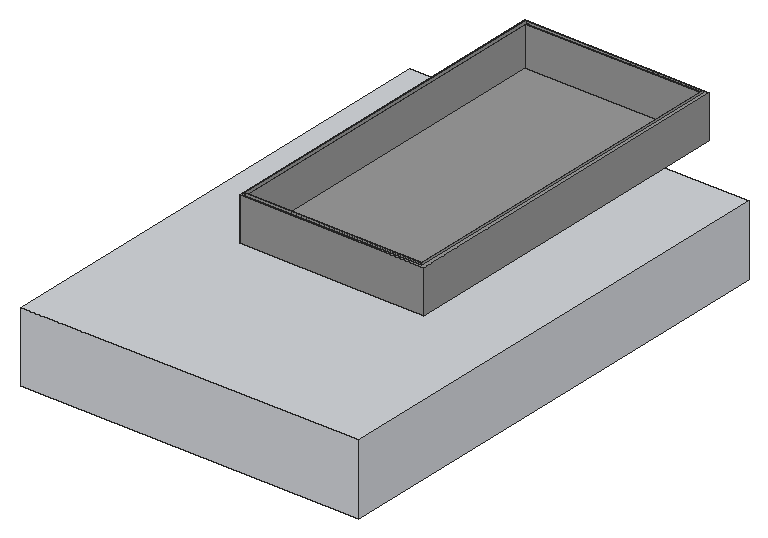
Revit family "Hager-Univers-IP30-D205-H1550-Cl.II-Encl-CH-fr", category Equipement électrique, Revit 2020
Family settings
  Hôte = Face
  Configuration du panneau = Deux colonnes, circuits au sein
  Cote de connecteur circulaire = Utiliser le diamètre
  Type d'élément = Tableau de raccordement
  Couper avec des vides une fois chargée = Non
  Partagée = Non
  Point de calcul de pièce = Non
Parameters (values of type "saillie IP30 L800 H1550 P205  - FP03S1N")
  Width Control [instance] = if([EF000008 - largeur] > Min Width, [EF000008 - largeur], Min Width)  # 800 mm
  Commentaires du type = [HG000003 - Gamme]  # "Univers"
  Thickness Door [instance] = if([EF009171 - épaisseur de matériau de la porte/du couvercle] > 3 mm, 3 mm, [EF009171 - épaisseur de matériau de la porte/du couvercle])  # 1 mm
  Seal Frame Offset [instance] = 17 mm  # constant formula
  Plinth Visibility [instance] = [HG000027 - Hauteur du socle] > 0 mm  # no
  Model = ""
  Min Width [instance] = 100 mm  # constant formula
  Min Height [instance] = 100 mm  # constant formula
  Min Depth [instance] = (2 * [EF009170 - épaisseur de matériau du boîtier]) + 1 mm  # 3 mm
  Internal Frame Depth [instance] = (Door System Depth * 0.5)  # 9 mm
  Height Control [instance] = if([EF000040 - hauteur] > Min Height, [EF000040 - hauteur], Min Height)  # 1550 mm
  HG000027 - Hauteur du socle = 0 mm
  HG000026 - Installation au sol = no
  HG000024 - Hauteur de la section basse = 800 mm
  HG000023 - Armoire double section = no
  HG000016 - Visibilité de la porte 3D [instance] = yes
  HG000015 - Visibilité de l'emprise de la porte [instance] = no
  HG000014 - Porte à droite [instance] = yes
  HG000013 - Porte à gauche [instance] = not([HG000014 - Porte à droite])  # no
  HG000012 - Angle de pivotement de la porte [instance] = 30.00°
  HG000010 - Portes asymétriques = no
  HG000009 - Porte à double battant = no
  HG000006 - Encastré = no
  HG000004 - Référence fabricant = "FP03S1N"
  HG000003 - Gamme = "Univers"
  HG000002 - avec porte = no
  Frame Offset Bottom [instance] = 10 mm  # constant formula
  Frame Offset [instance] = 15 mm  # constant formula
  EF015940 - couvercle avec décharge de pression = no
  EF011959 - degré de protection (NEMA) = ""
  EF009554 - nombre d'ouvertures pour plaques à bride = 6
  Fabricant = "Hager"  # constant formula
  EF009212 - finition du couvercle = "EV009916 - avec échancrure"
  EF009171 - épaisseur de matériau de la porte/du couvercle = 1 mm
  EF009170 - épaisseur de matériau du boîtier = 1 mm
  EF008873 - courant nominal (In) = 250 A
  EF007800 - adapté à un parafoudre = no
  EF006306 - avec serrure = no
  EF006244 - couvercle/porte transparent(e) = no
  EF005474 - indice de protection (IP) = "EV006410 - IP30"
  EF004464 - type de porte = "EV000494 - sans"
  EF004427 - nombre de modules = 360
  EF004293 - indice de protection contre les chocs (IK) = "EV006813 - IK07"
  EF003532 - convient pour utilisation à l’extérieur = no
  EF002950 - largeur en nombre de modules = 36
  EF001613 - maintien de fonction = "EV000494 - sans"
  EF001596 - matériau du boîtier/corps = "EV000179 - acier"
  EF001131 - profondeur intérieure = 130 mm
  EF001088 - possibilité de montage en saillie = yes
  EF000437 - nombre d'entrées de conduit = 6
  EF000339 - type de capot = "EV000494 - sans"
  EF000266 - nombre de rangées = 10
  EF000218 - profondeur d'encastrement = 205 mm
  EF000118 - avec cadre/support de montage = no
  EF000116 - numéro RAL = "9010"
  EF000049 - profondeur = 205 mm
  EF000040 - hauteur = 1550 mm
  EF000008 - largeur = 800 mm
  EF000007 - couleur = "EV000202 - blanc"
  EF000003 - mode de pose = "EV000384 - saillie"
  Door System Leaf Tolerance [instance] = 1.5 mm  # constant formula
  Door System Depth [instance] = 18 mm  # constant formula
  Door Height [instance] = Height Control - [HG000027 - Hauteur du socle]  # 1550 mm
  Depth Control [instance] = if([EF000049 - profondeur] > Min Depth, [EF000049 - profondeur], Min Depth)  # 205 mm
  Default Elevation = 0 mm
  Connector Offset [instance] = Height Control / 2  # 775 mm
  Bottom Top Plate Trim [instance] = 1.5 mm  # constant formula
  Plinth height Ctrl [instance] = if([HG000027 - Hauteur du socle] > 0 mm, [HG000027 - Hauteur du socle], 12 mm)  # 12 mm
Types (4, lengths in mm): name | Width Control | HG000004 - Référence fabricant | EF009554 - nombre d'ouvertures pour plaques à bride | EF008873 - courant nominal (In) | EF004427 - nombre de modules | EF002950 - largeur en nombre de modules | EF000437 - nombre d'entrées de conduit | EF000008 - largeur
  saillie IP30 L1300 H1550 P205  - FP05S1N | 1300 | "FP05S1N" | 10 | 400 A | 600 | 60 | 10 | 1300
  saillie IP30 L300 H1550 P205  - FP01S1N | 300 | "FP01S1N" | 2 | 250 A | 120 | 12 | 2 | 300
  saillie IP30 L550 H1550 P205  - FP02S1N | 550 | "FP02S1N" | 4 | 250 A | 240 | 24 | 4 | 550
  saillie IP30 L800 H1550 P205  - FP03S1N | 800 | "FP03S1N" | 6 | 250 A | 360 | 36 | 6 | 800
Reference planes
  plane 1 "Center (Front/Back)": y = 0
  plane 2: z = 0
  plane 3 "Center (Left/Right)": x = 0
  plane 4: z = 205
  plane 5: y = 1
  plane 6: y = 775
  plane 7: y = 0
  plane 8: y = 1550
  plane 9: z = 0
  plane 10: x = -385
  plane 11: x = 385
  plane 12: x = 384
  plane 13: x = -384
  plane 14: y = 1549
  plane 15: x = -383
  plane 16: x = -400
  plane 17: x = 383
  plane 18: x = 400
  plane 19: x = 399
  plane 20: x = -399
  plane 21: y = 11
  plane 22: y = 1550
  plane 23: y = 1534
  plane 24: z = 187
  plane 25: z = 1
  plane 26: z = 186
  plane 27: z = 204
Forms (mm)
  Extrusion 1, solid
    sketch origin (0, 0, 0) x (1, 0, 0) y (0, 1, 0)
      loop
        line (-702.964, 1305) -> (-702.964, -811.445) -> (766.763, -811.445) -> (766.763, 1305) -> (-702.964, 1305)
    from 0 to -304.8
  Extrusion 2, solid, material "Hager_Steel_RAL7035_Light_Grey", visible <- "Plinth Visibility", detail levels medium+fine
    sketch origin (0, 0, 0) x (1, 0, 0) y (0, 1, 0)
      loop
        line (-400, 0) -> (400, 0) -> (400, 12) -> (-400, 12) -> (-400, 0)
    from 0 to 187
  Extrusion 3, solid, material "Hager_Steel_RAL7035_Light_Grey", detail levels medium+fine
    sketch origin (0, 0, 0) x (1, 0, 0) y (0, 1, 0)
      loop
        line (-400, 0) -> (400, 0) -> (400, 1550) -> (-400, 1550) -> (-400, 0)
    from 0 to 187
  Extrusion 4, void
    sketch origin (0, 0, 0) x (1, 0, 0) y (0, 1, 0)
      loop
        line (-399, 1) -> (399, 1) -> (399, 1549) -> (-399, 1549) -> (-399, 1)
    from 1 to 186
  Extrusion 5, void
    sketch origin (-381.607, -4572, 187) x (0, -1, 0) y (-1, 0, 0)
      loop
        line (-4583, 2.393) -> (-6106, 2.393) -> (-6106, -765.607) -> (-4583, -765.607) -> (-4583, 2.393)
    from 0 to 1 <- "EF009170 - épaisseur de matériau du boîtier"
  Extrusion 6, solid, material "Hager_Steel_RAL7035_Light_Grey", detail levels fine
    sketch origin (0, 0, 187) x (1, 0, 0) y (0, 1, 0)
      loop
        line (-384, 1534) -> (-384, 11) -> (384, 11) -> (384, 1534) -> (-384, 1534)
      loop
        line (-385, 10) -> (385, 10) -> (385, 1535) -> (-385, 1535) -> (-385, 10)
    from 0 to 9 <- "Internal Frame Depth"
  Extrusion 7, solid, material "Hager_Steel_RAL7035_Light_Grey", detail levels coarse
    sketch origin (0, 0, 0) x (1, 0, 0) y (0, 1, 0)
      loop
        line (-400, 0) -> (400, 0) -> (400, 1550) -> (-400, 1550) -> (-400, 0)
    from 0 to 205
  Sweep 8, void
    path in 3D
      loop
        line (-400, 12, 0) -> (400, 12, 0) -> (400, 12, 187) -> (-400, 12, 187) -> (-400, 12, 0)
    profile origin (-400, 12, 93.5) x (-1, 0, 0) y (0, -1, 0)
      loop
        line (0, 0) -> (0, 1.5) -> (-1.5, 1.5)
        arc (-1.5, 1.5) -> (-1.061, 0.439) -> (0, 0) r 1.5
Cuts and joins
  Extrusion 4, Extrusion 5 cuts Extrusion 3
  Sweep 8 cuts Extrusion 2
Lines and regions (mm)
  Masking region 1
    outline origin (0, 0, 0) x (1, 0, 0) y (0, 0, 1)
      loop
        line (-400, 205) -> (-400, 0) -> (400, 0) -> (400, 205) -> (-400, 205)
  Masking region 2, detail levels medium+fine
    outline origin (0, 140, 0) x (0, 1, 0) y (0, 0, 1)
      loop
        line (-140, 0) -> (1410, 0) -> (1410, 187) -> (-140, 187) -> (-140, 0)
  Masking region 3, not visible, detail levels medium+fine
    outline origin (0, 297.922, 0) x (0, 1, 0) y (0, 0, 1)
      loop
        line (488.578, 0) -> (528.578, 0) -> (528.578, 194)
        arc (528.578, 194) -> (525.649, 201.071) -> (518.578, 204) r 10
        line (518.578, 204) -> (488.578, 204) -> (488.578, 0)
  Masking region 4, detail levels coarse
    outline origin (0, 0, 180) x (0, 1, 0) y (0, 0, 1)
      loop
        line (0, -180) -> (1550, -180) -> (1550, 25) -> (0, 25) -> (0, -180)
  Masking region 5, visible <- "Plinth Visibility", detail levels medium+fine
    outline origin (0, 52.24, 12.345) x (0, 0, -1) y (0, 1, 0)
      loop
        line (10.845, -40.24) -> (-173.155, -40.24)
        arc (-173.155, -40.24) -> (-173.594, -41.301) -> (-174.655, -41.74) r 1.5
        line (-174.655, -41.74) -> (-174.655, -52.24) -> (12.345, -52.24) -> (12.345, -41.74)
        arc (12.345, -41.74) -> (11.285, -41.301) -> (10.845, -40.24) r 1.5
  Masking region 6, detail levels medium+fine
    outline origin (-381.607, -4572, 187) x (-1, 0, 0) y (0, -1, 0)
      loop
        line (18.393, -6122) -> (18.393, -4572) -> (-781.607, -4572) -> (-781.607, -6122) -> (18.393, -6122)
  Masking region 7, visible <- "Plinth Visibility", detail levels medium+fine
    outline origin (-381.607, -4727, 187) x (-1, 0, 0) y (0, -1, 0)
      loop
        arc (16.893, -4739) -> (17.332, -4737.939) -> (18.393, -4737.5) r 1.5
        line (18.393, -4737.5) -> (18.393, -4727) -> (-781.607, -4727) -> (-781.607, -4737.5)
        arc (-781.607, -4737.5) -> (-780.546, -4737.939) -> (-780.107, -4739) r 1.5
        line (-780.107, -4739) -> (16.893, -4739)
  Masking region 8, detail levels coarse
    outline origin (-442.548, -4669.526, 187) x (-1, 0, 0) y (0, -1, 0)
      loop
        line (-42.548, -6219.526) -> (-42.548, -4669.526) -> (-842.548, -4669.526) -> (-842.548, -6219.526) -> (-42.548, -6219.526)
  sketch lines
    curve 1: line (-400, 12, 187) -> (-400, 12, 0)
    curve 2: line (400, 12, 187) -> (-400, 12, 187)
    curve 3: line (400, 12, 187) -> (400, 12, 0)
    curve 4: line (-400, 12, 0) -> (400, 12, 0)
Dimensions and locks
  "Depth Control": plane 4 to Extrusion 1
  "HG000027 - Hauteur du socle": plane 1 "Center (Front/Back)" to plane 7
  "EF009170 - épaisseur de matériau du boîtier": plane 5 to plane 7
  locked: connector elem to plane 3 "Center (Left/Right)"
  equal spacing: plane 8, plane 6, plane 7
  locked: connector elem to plane 6
  "EF009170 - épaisseur de matériau du boîtier": plane 8 to plane 14
  "EF009170 - épaisseur de matériau du boîtier": plane 10 to plane 13
  "EF009170 - épaisseur de matériau du boîtier": plane 12 to plane 11
  "Frame Offset": plane 20 to plane 13
  "Frame Offset": plane 12 to plane 19
  "EF009170 - épaisseur de matériau du boîtier": plane 16 to plane 20
  "EF009170 - épaisseur de matériau du boîtier": plane 19 to plane 18
  "Seal Frame Offset": plane 16 to plane 15
  "Seal Frame Offset": plane 17 to plane 18
  "Frame Offset Bottom": plane 21 to plane 5
  "Frame Offset": plane 14 to plane 23
  equal spacing: plane 16, plane 3 "Center (Left/Right)", plane 18
  "Width Control": plane 16 to plane 18
  "EF009170 - épaisseur de matériau du boîtier": plane 4 to plane 27
  "EF009170 - épaisseur de matériau du boîtier": plane 24 to plane 26
  "EF009170 - épaisseur de matériau du boîtier": plane 25 to level
  "Door System Depth": plane 4 to plane 24
  "Height Control": plane 1 "Center (Front/Back)" to Extrusion 7 sketch curve
  "Height Control": Masking region 4 sketch curve to plane 1 "Center (Front/Back)"
  "Height Control": plane 1 "Center (Front/Back)" to plane 22
  "Bottom Top Plate Trim": profile plane to Sweep 8 sketch curve
  "Bottom Top Plate Trim": Sweep 8 sketch curve to profile plane
  "Plinth height Ctrl": plane 1 "Center (Front/Back)" to Extrusion 2 sketch curve
  "Plinth height Ctrl": Masking region 5 sketch curve to plane 1 "Center (Front/Back)"
  "Plinth height Ctrl": plane 1 "Center (Front/Back)" to Masking region 7 sketch curve
  "Thickness Door": Extrusion 6 sketch curve to Extrusion 6 sketch curve  (x3)
  "Thickness Door": cut or joined group of Extrusion 3, Extrusion 4, Extrusion 5 to Extrusion 6 sketch curve
  radius of Masking region 3 sketch curve = 10 mm
  "Bottom Top Plate Trim": radius of Masking region 5 sketch curve  (x2)
  "Bottom Top Plate Trim": radius of Sweep 8 sketch curve
  "Bottom Top Plate Trim": radius of Masking region 7 sketch curve  (x2)
  aligned and locked: plane 2 to Extrusion 1
  aligned and locked: level to Extrusion 1
  aligned and locked: level to Masking region 1 sketch curve
  aligned and locked: Masking region 1 sketch curve to plane 18
  aligned and locked: Masking region 1 sketch curve to plane 16
  aligned and locked: plane 7 to Masking region 2 sketch curve
  aligned and locked: level to Masking region 3 sketch curve
  aligned and locked: Masking region 3 sketch curve to plane 27
  aligned and locked: level to Masking region 2 sketch curve
  aligned and locked: plane 1 "Center (Front/Back)" to Extrusion 2 sketch curve
  aligned and locked: Extrusion 3 sketch curve to plane 7
  aligned and locked: plane 16 to Extrusion 3 sketch curve
  aligned and locked: plane 18 to Extrusion 3 sketch curve
  aligned and locked: plane 20 to Extrusion 4 sketch curve
  aligned and locked: plane 19 to Extrusion 4 sketch curve
  aligned and locked: Extrusion 4 sketch curve to plane 5
  aligned and locked: Extrusion 4 to plane 25
  aligned and locked: plane 26 to Extrusion 4
  aligned and locked: plane 24 to Extrusion 3
  aligned and locked: Extrusion 5 sketch curve to plane 21
  aligned and locked: Extrusion 5 sketch curve to plane 13
  aligned and locked: Extrusion 5 sketch curve to plane 12
  aligned and locked: plane 18 to Extrusion 7 sketch curve
  aligned and locked: plane 1 "Center (Front/Back)" to Extrusion 7 sketch curve
  aligned and locked: plane 16 to Extrusion 7 sketch curve
  aligned and locked: plane 4 to Extrusion 7
  aligned and locked: Extrusion 7 to level
  aligned and locked: level to Masking region 4 sketch curve
  aligned and locked: Masking region 4 sketch curve to plane 1 "Center (Front/Back)"
  aligned and locked: Masking region 4 sketch curve to plane 4
  aligned and locked: nested 1 to level
  aligned and locked: nested 1 to plane 16
  aligned and locked: plane 8 to Extrusion 3 sketch curve
  aligned and locked: plane 23 to Extrusion 5 sketch curve
  aligned and locked: plane 14 to Extrusion 4 sketch curve
  aligned and locked: Masking region 2 sketch curve to plane 8
  aligned and locked: level to Masking region 5 sketch curve
  aligned and locked: plane 16 to Extrusion 2 sketch curve
  aligned and locked: plane 18 to Extrusion 2 sketch curve
  aligned and locked: Masking region 5 sketch curve to plane 24
  aligned and locked: Masking region 2 sketch curve to plane 24
  aligned and locked: plane 24 to Extrusion 2
  aligned and locked: profile plane to Sweep 8 sketch curve  (x2)
  aligned and locked: Masking region 6 sketch curve to plane 18
  aligned and locked: Masking region 6 sketch curve to plane 22
  aligned and locked: Masking region 6 sketch curve to plane 16
  aligned and locked: plane 8 to plane 22
  aligned and locked: Masking region 6 sketch curve to plane 7
  aligned and locked: Masking region 7 sketch curve to plane 16
  aligned and locked: Masking region 7 sketch curve to plane 1 "Center (Front/Back)"
  aligned and locked: Masking region 7 sketch curve to plane 18
  aligned and locked: Masking region 8 sketch curve to plane 1 "Center (Front/Back)"
  aligned and locked: Masking region 8 sketch curve to plane 18
  aligned and locked: Masking region 8 sketch curve to plane 22
  aligned and locked: Masking region 8 sketch curve to plane 16
  aligned and locked: nested 2 to plane 7
  aligned and locked: plane 3 "Center (Left/Right)" to nested 2
  aligned and locked: nested 2 to plane 24
  aligned and locked: Extrusion 6 sketch curve to cut or joined group of Extrusion 3, Extrusion 4, Extrusion 5  (x4)
Automatic sketch dimensions
  Extrusion 1 sketch curve to Extrusion 1 sketch curve = 1469.727 mm
  Extrusion 1 sketch curve to Extrusion 1 sketch curve = 2116.445 mm
  Masking region 1 sketch curve to plane 4 = 0 mm
  plane 6 to Masking region 3 sketch curve = 11.5 mm
  Masking region 3 sketch curve to Masking region 3 sketch curve = 30 mm
  Masking region 5 sketch curve to plane 1 "Center (Front/Back)" = 0 mm
Nested families
  nested 1: "Hager_Enclosure_Symbol" at (-400, 0, 0) x (1, 0, 0) z (0, -1, 0), Height <- "Depth Control", Width <- "Width Control", type "Hager_Enclosure_Symbol"
    with Width_Ctrl 800 mm, Width 800 mm, Height_Ctrl 205 mm, Height 205 mm, A_Width_Int 13.453 mm, A_Width 161.438 mm, A_Height_Ctrl 179.375 mm, A_Height 179.375 mm
  nested 2: "EC000058_Univers_Door" at (0, 0, 187) x (1, 0, 0) z (0, 1, 0), Leaf_Tolerance <- "Door System Leaf Tolerance", Angle <- "HG000012 - Angle de pivotement de la porte", Door_Depth <- "Door System Depth", Door_Left <- "HG000013 - Porte à gauche", Transparent <- "EF006244 - couvercle/porte transparent(e)", Assymetrical <- "HG000010 - Portes asymétriques", Width <- "Width Control", Clearance <- "HG000015 - Visibilité de l'emprise de la porte", Double <- "HG000009 - Porte à double battant", 3d_Door <- "HG000016 - Visibilité de la porte 3D", Lock_Visibility <- "EF006306 - avec serrure", Width_Ctrl <- "Width Control", Door_Right <- "HG000014 - Porte à droite", Door <- "HG000002 - avec porte", Height <- "Door Height", Thickness <- "Thickness Door", type "EC000058_Univers_Door", detail levels medium+fine
    with min_wh 3 mm, Width_Ctrl 800 mm, Width 800 mm, Transparent no, Thickness 1 mm, Seal_Material Hager_Rubber, Lock_Visibility no, Lock_Material Hager_Plastic_RAL9005_Jet_Black, Leaf_Width 800 mm, Leaf_Tolerance_External_Sides 0 mm, Leaf_Tolerance 1.5 mm, Leaf_Offset 0 mm, Leaf_Height 1547 mm, Leaf_2_Width 800 mm, Leaf_2_Offset 400 mm, Leaf_1_Width 800 mm, Leaf_1_Offset 400 mm, Height_Ctrl 1550 mm, Height 1550 mm, Glass_Material Hager_Glass, Double_Clearance_Ctrl no, Double no, Door_Right_Ctrl no, Door_Right yes, Door_Material Hager_Steel_RAL7035_Light_Grey, Door_Left_Ctrl no, Door_Left no, Door_Depth 18 mm, Door no, Clearance_Material Hager_Clearance, Clearance_Depth 800 mm, Clearance_Ctrl no, Clearance no, Assymetrical no, Angle 30.00°, 3d_Door yes
Connectors
  electrical at (0, 775, 0)
    settings: on plane 9, index 1, voltage 0 V, apparent load 0 VA, apparent load phase1 0 VA, apparent load phase2 0 VA, apparent load phase3 0 VA, power factor 1, load classification "Other", number of poles 1, system type 30, power factor state 1, is connector primary yes, connector utility no, sub classification motor no, connector description ""
Definition of nested family "Hager_Enclosure_Symbol"
  Parameters (values of type "Hager_Enclosure_Symbol")
    Width_Ctrl [instance] = if(Width > 1 mm, Width, 1 mm)  # 102.27 mm
    Width [instance] = 102.27 mm
    Height_Ctrl [instance] = if(Height > 1 mm, Height, 1 mm)  # 66.5 mm
    A_Width_Int [instance] = if(A_Width / 12 > 2 mm, A_Width / 12, 2 mm)  # 4.364 mm
    A_Width [instance] = if(A_Height_Ctrl * 0.9 > 2 mm, A_Height_Ctrl * 0.9, 2 mm)  # 52.369 mm
    A_Height_Ctrl [instance] = if(A_Height > 2 mm, A_Height, 2 mm)  # 58.188 mm
    Height [instance] = 66.5 mm
    A_Height [instance] = Height - (Height / 8)  # 58.188 mm
  Reference planes
    plane 1 "Centre (avant/arrière)": y = 0
    plane 2: z = 0
    plane 3 "Centre (gauche/droite)": x = 0
    plane 4: x = 52.369
    plane 5: y = 33.042
    plane 6: y = 41.77
    plane 7: y = 66.5
    plane 8: x = 26.184
    plane 9: y = 37.406
    plane 10: x = 102.27
    plane 11: y = 66.5
    plane 12: y = 8.313
  Lines and regions (mm)
    Filled region 1, type "Solid_Black", in view "Niveau de réf."
      outline origin (0, 0, 0) x (1, 0, 0) y (0, 1, 0)
        loop
          line (52.369, 66.5) -> (33.188, 54.536) -> (45.365, 45.006) -> (52.369, 66.5)
    Filled region 2, type "Solid_Black", in view "Niveau de réf."
      outline origin (0, 0, 0) x (1, 0, 0) y (0, 1, 0)
        loop
          line (0, 0) -> (102.27, 0) -> (102.27, 66.5) -> (0, 0)
    detail lines, in view "Niveau de réf."
      curve 1: line (0, 8.313, 0) -> (26.184, 41.77, 0)
      curve 2: line (26.184, 41.77, 0) -> (26.184, 33.042, 0)
      curve 3: line (26.184, 33.042, 0) -> (52.369, 66.5, 0)
  Dimensions and locks
    "A_Width": plane 3 "Centre (gauche/droite)" to plane 4
    equal spacing: plane 3 "Centre (gauche/droite)", plane 8, plane 4
    equal spacing: plane 6, plane 9, plane 5
    equal spacing: curve 3, Filled region 1 sketch curve, Filled region 1 sketch curve
    "Height_Ctrl": plane 1 "Centre (avant/arrière)" to plane 11
    "A_Height_Ctrl": plane 11 to plane 12
    equal spacing: plane 11, plane 9, plane 12
    "A_Width_Int": plane 6 to plane 9
    "Width_Ctrl": plane 3 "Centre (gauche/droite)" to plane 10
    angle Filled region 1 sketch curve to curve 3 = 20.00°
    angle curve 3 to Filled region 1 sketch curve = 20.00°
    locked: curve 3 to Filled region 1 sketch curve (angle 90.00°)
    aligned and locked: plane 10 to Filled region 2
    aligned and locked: plane 11 to Filled region 2 sketch curve
    aligned and locked: plane 10 to Filled region 2 sketch curve
    aligned and locked: plane 3 "Centre (gauche/droite)" to curve 1
    aligned and locked: plane 12 to curve 1
    aligned and locked: plane 7 to plane 11
  Automatic sketch dimensions
    Filled region 1 sketch curve to plane 4 = 0 mm
    Filled region 1 sketch curve to plane 7 = 0 mm
    plane 1 "Centre (avant/arrière)" to Filled region 2 sketch curve = 0 mm
    Filled region 2 sketch curve to plane 3 "Centre (gauche/droite)" = 0 mm
    curve 2 to plane 6 = 0 mm
    curve 2 to plane 8 = 0 mm
    curve 3 to plane 4 = 0 mm
    curve 2 to plane 5 = 0 mm
    curve 3 to plane 7 = 0 mm
Definition of nested family "EC000058_Univers_Door"
  Parameters (values of type "EC000058_Univers_Door")
    min_wh [instance] = (2 * Thickness) + 1 mm  # 11 mm
    Width_Ctrl [instance] = 400 mm
    Width [instance] = 500 mm
    Transparent [instance] = yes
    Thickness [instance] = 5 mm
    Seal_Material [instance] = none
    Lock_Visibility [instance] = yes
    Lock_Material [instance] = none
    Leaf_Width [instance] = if((Width_Ctrl - 2 * Leaf_Tolerance_External_Sides) > 0 mm, (Width_Ctrl - 2 * Leaf_Tolerance_External_Sides), min_wh)  # 400 mm
    Leaf_Tolerance_External_Sides [instance] = 0 mm  # constant formula
    Leaf_Tolerance [instance] = 1.5 mm
    Leaf_Offset [instance] = 0 mm  # constant formula
    Leaf_Height [instance] = if((Height_Ctrl - 2 * Leaf_Tolerance) > 0 mm, (Height_Ctrl - 2 * Leaf_Tolerance), min_wh)  # 497 mm
    Leaf_2_Width [instance] = if(and(and(Double, Assymetrical), Door_Left), (Leaf_Width / 3) - (Leaf_Tolerance / 2), if(and(and(Double, Assymetrical), Door_Right), (Leaf_Width / 3) * 2 - (Leaf_Tolerance / 2), if(and(Double, not(Assymetrical)), (Leaf_Width / 2) - Leaf_Tolerance, Leaf_Width)))  # 400 mm
    Leaf_2_Offset [instance] = if(and(Double, Assymetrical), Leaf_2_Width / 2, if(and(Double, not(Assymetrical)), Leaf_Width / 4, Leaf_Width / 2))  # 200 mm
    Leaf_1_Width [instance] = if(and(and(Double, Assymetrical), Door_Right), (Leaf_Width / 3) - (Leaf_Tolerance / 2), if(and(and(Double, Assymetrical), Door_Left), (Width / 3) * 2 - (Leaf_Tolerance / 2), if(and(Double, not(Assymetrical)), (Leaf_Width / 2) - Leaf_Tolerance, Leaf_Width)))  # 400 mm
    Leaf_1_Offset [instance] = if(and(Double, Assymetrical), Leaf_1_Width / 2, if(and(Double, not(Assymetrical)), Leaf_Width / 4, Leaf_Width / 2))  # 200 mm
    Height_Ctrl [instance] = if(Height > min_wh, Height, min_wh)  # 500 mm
    Height [instance] = 500 mm
    Glass_Material [instance] = none
    Double_Clearance_Ctrl [instance] = and(Double, Clearance)  # no
    Double [instance] = no
    Door_Right_Ctrl [instance] = and(or(Door_Right, Double), Door)  # yes
    Door_Right [instance] = yes
    Door_Material [instance] = none
    Door_Left_Ctrl [instance] = and(or(Door_Left, Double), Door)  # no
    Door_Left [instance] = no
    Door_Depth [instance] = 30 mm
    Door [instance] = yes
    Default Elevation = 1219.2 mm
    Clearance_Material [instance] = none
    Clearance_Depth [instance] = if(Leaf_1_Width > Leaf_2_Width, Leaf_1_Width, Leaf_2_Width)  # 400 mm
    Clearance_Ctrl [instance] = and(not(Double), Clearance)  # yes
    Clearance [instance] = yes
    Assymetrical [instance] = yes
    Angle [instance] = 30.00°
    3d_Door [instance] = yes
  Reference planes
    plane 1 "Center (Front/Back)": y = 0
    plane 2 "Bottom": z = 0
    plane 3 "Center (Left/Right)": x = 0
    plane 4: z = 500
    plane 5: x = -200
    plane 6: x = 200
    plane 7: z = 500
    plane 8: x = -200
    plane 9: z = 0
    plane 10: x = 200
    plane 11: y = 0
    plane 12: z = 1.5
    plane 13: x = -600
    plane 14: y = -400
    plane 15: x = 600
    plane 16: x = 0
    plane 17: x = 0
    plane 18: x = -200
    plane 19: x = 200
    plane 20: z = 498.5
  Forms (mm)
    Extrusion 1, solid, material <- "Clearance_Material", visible <- "Double_Clearance_Ctrl"
      sketch origin (1200, 0, 0) x (1, 0, 0) y (0, 0, -1)
        loop
          line (-1800, -498.5) -> (-600, -498.5) -> (-600, 0) -> (-1800, 0) -> (-1800, -498.5)
      from 0 to -400
  Dimensions and locks
    equal spacing: plane 5, plane 3 "Center (Left/Right)", plane 6
    "Width_Ctrl": plane 5 to plane 6
    "Leaf_Offset": plane 5 to plane 8
    "Leaf_Offset": plane 6 to plane 10
    "Leaf_Offset": plane 9 to level
    "Leaf_Offset": plane 4 to plane 7
    "Height_Ctrl": plane 4 to level
    "Leaf_Tolerance": plane 12 to plane 9
    locked: plane 11 to plane 1 "Center (Front/Back)"
    "Leaf_1_Offset": plane 18 to plane 16
    "Leaf_2_Offset": plane 17 to plane 19
    "Leaf_1_Width": plane 13 to plane 8
    "Leaf_2_Width": plane 10 to plane 15
    "Clearance_Depth": plane 14 to plane 1 "Center (Front/Back)"
    "Leaf_Tolerance_External_Sides": plane 8 to plane 18
    "Leaf_Tolerance_External_Sides": plane 19 to plane 10
    "Leaf_Tolerance": plane 7 to plane 20
    aligned and locked: level to plane 2 "Bottom"
    aligned and locked: nested 1 to plane 16
    aligned and locked: nested 2 to plane 17
    aligned and locked: Extrusion 1 to plane 13
    aligned and locked: plane 15 to Extrusion 1
    aligned and locked: Extrusion 1 to plane 14
    aligned and locked: plane 12 to nested 1
    aligned and locked: nested 2 to plane 12
    aligned and locked: Extrusion 1 to plane 11
    aligned and locked: plane 20 to Extrusion 1
    aligned and locked: nested 2 to plane 11
    aligned and locked: nested 1 to plane 11
  Automatic sketch dimensions
    Extrusion 1 sketch curve to level = 0 mm
    plane 5 to Extrusion 1 sketch curve = 400 mm
    plane 6 to Extrusion 1 sketch curve = 400 mm
    Extrusion 1 sketch curve to plane 4 = 1.5 mm
  Nested families
    nested 1: "EC000058_Univers_Door_Leaf" at (0, 0, 1.5), Width <- "Leaf_1_Width", visible <- "Door_Left_Ctrl", Leaf_Height <- "Leaf_Height", Angle <- "Angle", 3d_Door <- "3d_Door", Transparent <- "Transparent", Clearance Material <- "Clearance_Material", Clearance <- "Clearance_Ctrl", Door_Material <- "Door_Material", Glass_Material <- "Glass_Material", Door_Depth <- "Door_Depth", Lock_Material <- "Lock_Material", Seal_Material <- "Seal_Material", Lock_Visibility <- "Lock_Visibility", Thickness <- "Thickness", type "EC000058_Univers_Door_Leaf"
      with Width 400 mm, Transparent_Glass_Offset 30 mm, Transparent_Ctrl yes, Transparent yes, Thickness 5 mm, Standard no, Seal_Material none, Seal_D2 8 mm, Seal_D1 1 mm, Offset_Internal_Frame 10 mm, Lock_Width 20 mm, Lock_Visibility_3d yes, Lock_Visibility yes, Lock_Thickness_3 3 mm, Lock_Thickness_2 1 mm, Lock_Thickness_1 3 mm, Lock_Radius_Offset_2 16 mm, Lock_Radius_Offset_1 15 mm, Lock_Radius_2 5 mm, Lock_Radius 6 mm, Lock_Offset 5 mm, Lock_Material none, Lock_Height 80 mm, Lock_Cover_Top_Offset_2d 17 mm, Lock_Cover_Height -65 mm, Leaf_Height 497 mm, Internal_Seal_Thickness 8 mm, Internal_Seal_Depth_2 4.5 mm, Internal_Frame_Depth 25 mm, Glass_Thickness -1 mm, Glass_Offset -2 mm, Glass_Material none, Door_Material none, Door_Depth 30 mm, Clearance Material none, Clearance yes, Angle_Ctrl 30.00°, Angle 30.00°, 3d_Door yes
    nested 2: "EC000058_Univers_Door_Leaf" at (0, 0, 1.5) x (-1, 0, 0) z (0, 0, 1), Width <- "Leaf_2_Width", visible <- "Door_Right_Ctrl", Leaf_Height <- "Leaf_Height", Angle <- "Angle", 3d_Door <- "3d_Door", Transparent <- "Transparent", Clearance Material <- "Clearance_Material", Clearance <- "Clearance_Ctrl", Door_Material <- "Door_Material", Glass_Material <- "Glass_Material", Door_Depth <- "Door_Depth", Lock_Material <- "Lock_Material", Seal_Material <- "Seal_Material", Lock_Visibility <- "Lock_Visibility", Thickness <- "Thickness", type "EC000058_Univers_Door_Leaf"
      with Width 400 mm, Transparent_Glass_Offset 30 mm, Transparent_Ctrl yes, Transparent yes, Thickness 5 mm, Standard no, Seal_Material none, Seal_D2 8 mm, Seal_D1 1 mm, Offset_Internal_Frame 10 mm, Lock_Width 20 mm, Lock_Visibility_3d yes, Lock_Visibility yes, Lock_Thickness_3 3 mm, Lock_Thickness_2 1 mm, Lock_Thickness_1 3 mm, Lock_Radius_Offset_2 16 mm, Lock_Radius_Offset_1 15 mm, Lock_Radius_2 5 mm, Lock_Radius 6 mm, Lock_Offset 5 mm, Lock_Material none, Lock_Height 80 mm, Lock_Cover_Top_Offset_2d 17 mm, Lock_Cover_Height -65 mm, Leaf_Height 497 mm, Internal_Seal_Thickness 8 mm, Internal_Seal_Depth_2 4.5 mm, Internal_Frame_Depth 25 mm, Glass_Thickness -1 mm, Glass_Offset -2 mm, Glass_Material none, Door_Material none, Door_Depth 30 mm, Clearance Material none, Clearance yes, Angle_Ctrl 30.00°, Angle 30.00°, 3d_Door yes
  Definition of nested family "EC000058_Univers_Door_Leaf"
    Parameters (values of type "EC000058_Univers_Door_Leaf")
      Width [instance] = 2000 mm
      Transparent_Glass_Offset [instance] = 30 mm
      Transparent_Ctrl [instance] = and(Transparent, [3d_Door])  # yes
      Transparent [instance] = yes
      Thickness [instance] = 5 mm
      Standard [instance] = and(not(Transparent), [3d_Door])  # no
      Seal_Material [instance] = none
      Seal_D2 [instance] = 8 mm  # constant formula
      Seal_D1 [instance] = 1 mm  # constant formula
      Offset_Internal_Frame [instance] = 10 mm  # constant formula
      Lock_Width [instance] = 20 mm  # constant formula
      Lock_Visibility_3d [instance] = and(Lock_Visibility, [3d_Door])  # yes
      Lock_Visibility [instance] = yes
      Lock_Thickness_3 [instance] = 3 mm  # constant formula
      Lock_Thickness_2 [instance] = 1 mm  # constant formula
      Lock_Thickness_1 [instance] = 3 mm  # constant formula
      Lock_Radius_Offset_2 [instance] = Lock_Radius_Offset_1 + 1 mm  # 16 mm
      Lock_Radius_Offset_1 [instance] = 15 mm  # constant formula
      Lock_Radius_2 [instance] = Lock_Radius - 1 mm  # 5 mm
      Lock_Radius [instance] = 6 mm  # constant formula
      Lock_Offset [instance] = 5 mm  # constant formula
      Lock_Material [instance] = none
      Lock_Height [instance] = 80 mm  # constant formula
      Lock_Cover_Top_Offset_2d [instance] = Lock_Radius_Offset_2 + 1 mm  # 17 mm
      Lock_Cover_Height [instance] = -(Lock_Height - Lock_Radius_Offset_1)  # -65 mm
      Leaf_Height [instance] = 2720.336 mm
      Internal_Seal_Thickness [instance] = 8 mm  # constant formula
      Internal_Seal_Depth_2 [instance] = 4.5 mm  # constant formula
      Internal_Frame_Depth [instance] = if(Door_Depth - Thickness > 5 mm, Door_Depth - Thickness, 5 mm)  # 25 mm
      Glass_Thickness [instance] = if(Thickness > 15 mm, Glass_Offset + 10 mm, -1 mm)  # -1 mm
      Glass_Offset [instance] = if(Thickness > 15 mm, -(Thickness + 10 mm) / 2, -2 mm)  # -2 mm
      Glass_Material [instance] = none
      Door_Material [instance] = none
      Door_Depth [instance] = 30 mm
      Default Elevation = 0 mm
      Clearance Material [instance] = none
      Clearance [instance] = yes
      Angle_Ctrl [instance] = if(Angle > 180.00°, 180.00°, Angle)  # 90.00°
      Angle [instance] = 90.00°
      3d_Door [instance] = yes
    Reference planes
      plane 1 "Center (Front/Back)": y = 0
      plane 2: z = 0
      plane 3 "Center (Left/Right)": x = 0
      plane 4: y = 2000
      plane 5: x = -1000
      plane 6: x = 1000
      plane 7: x = -3000
      plane 8: z = 2720.336
      plane 9: z = 30
      plane 10: z = 2690.336
      plane 11: x = 970
      plane 12: x = -970
      plane 13: y = -3
      plane 14: z = 107.833
      plane 15: y = -5
      plane 16: y = -223.314
      plane 17: x = -1000
      plane 18: z = 1360.168
      plane 19: y = 30
    Forms (mm)
      Extrusion 1, solid, material <- "Clearance Material", visible <- "Clearance"
        sketch origin (0, 0, 0) x (1, 0, 0) y (0, 0, 1)
          loop
            line (-3000, 2720.336) -> (-3000, 0) -> (1000, 0) -> (1000, 2720.336) -> (-3000, 2720.336)
        from 0 to -2000
      Extrusion 2, solid, material <- "Door_Material", visible <- "Standard", detail levels medium+fine
        sketch origin (-1000, 0, 0) x (0, 1, 0) y (-1, 0, 0)
          loop
            line (0, 30) -> (0, 25) -> (2000, 25) -> (2000, 30) -> (0, 30)
        from 0 to 2720.336 <- "Leaf_Height"
      Extrusion 3, solid, material <- "Door_Material", visible <- "Transparent_Ctrl", detail levels medium+fine
        sketch origin (-1000, 0, 0) x (0, 1, 0) y (-1, 0, 0)
          loop
            line (0, 25) -> (2000, 25) -> (2000, 30) -> (0, 30) -> (0, 25)
        from 0 to 2720.336 <- "Leaf_Height"
      Extrusion 4, void
        sketch origin (-1025, 2000, 0) x (0, 1, 0) y (0, 0, -1)
          loop
            line (-30, -2690.336) -> (-30, -30) -> (-1970, -30) -> (-1970, -2690.336) -> (-30, -2690.336)
        from 0 to 5 <- "Thickness"
      Sweep 5, solid, material <- "Seal_Material", visible <- "Transparent_Ctrl", detail levels fine
        path in 3D
          loop
            line (-1025, 30, 30) -> (-1025, 30, 2690.336) -> (-1025, 1970, 2690.336) -> (-1025, 1970, 30) -> (-1025, 30, 30)
        profile origin (-1025, 1000, 30) x (1, 0, 0) y (0, 0, 1)
          loop
            line (0, 0) -> (0, -8) -> (1, -8) -> (1, 0) -> (0, 0)
      Extrusion 6, solid, material <- "Glass_Material", visible <- "Transparent_Ctrl", detail levels medium+fine
        sketch origin (-1030, 0, 0) x (0, 1, 0) y (0, 0, -1)
          loop
            line (1970, -2690.336) -> (1970, -30) -> (30, -30) -> (30, -2690.336) -> (1970, -2690.336)
        from -2 <- "Glass_Offset" to -1 <- "Glass_Thickness"
      Extrusion 7, solid, material <- "Door_Material", visible <- "3d_Door", detail levels medium+fine
        sketch origin (-1025, 2000, 0) x (0, -1, 0) y (0, 0, -1)
          loop
            line (0, -2720.336) -> (2000, -2720.336) -> (2000, 0) -> (0, 0) -> (0, -2720.336)
          loop
            line (1995, -5) -> (5, -5) -> (5, -2715.336) -> (1995, -2715.336) -> (1995, -5)
        from 0 to 25 <- "Internal_Frame_Depth"
      Sweep 8, solid, material <- "Seal_Material", visible <- "Transparent_Ctrl", detail levels fine
        path in 3D
          loop
            line (-1025, 0, 0) -> (-1025, 2000, 0) -> (-1025, 2000, 2720.336) -> (-1025, 0, 2720.336) -> (-1025, 0, 0)
        profile origin (-1025, 0, 1360.168) x (1, 0, 0) y (0, 1, 0)
          loop
            line (0, 10) -> (2.975, 10)
            arc (2.975, 10) -> (4.053, 10.447) -> (4.5, 11.525) r 1.525
            line (4.5, 11.525) -> (4.5, 16.527)
            arc (4.5, 16.527) -> (4.069, 17.569) -> (3.027, 18) r 1.473
            line (3.027, 18) -> (0, 18) -> (0, 10)
      Extrusion 9, solid, material <- "Lock_Material", visible <- "Lock_Visibility_3d", detail levels fine
        sketch origin (-1030, 0, 0) x (0, 1, 0) y (0, 0, -1)
          loop
            arc (1993.5, -1400.168) -> (1994.561, -1399.729) -> (1995, -1398.668) r 1.5
            line (1995, -1398.668) -> (1995, -1320.168) -> (1975, -1320.168) -> (1975, -1398.668)
            arc (1975, -1398.668) -> (1975.439, -1399.729) -> (1976.5, -1400.168) r 1.5
            line (1976.5, -1400.168) -> (1993.5, -1400.168)
        from 3 <- "Lock_Thickness_1" to 0
      Blend 10, solid, material <- "Lock_Material", visible <- "Lock_Visibility_3d", detail levels fine
        base sketch origin (-1033, 0, 0) x (0, 1, 0) y (0, 0, -1)
          loop
            line (1975, -1320.168) -> (1975, -1398.668)
            arc (1975, -1398.668) -> (1975.439, -1399.729) -> (1976.5, -1400.168) r 1.5
            line (1976.5, -1400.168) -> (1993.5, -1400.168)
            arc (1993.5, -1400.168) -> (1994.561, -1399.729) -> (1995, -1398.668) r 1.5
            line (1995, -1398.668) -> (1995, -1320.168) -> (1975, -1320.168)
        top sketch origin (-1033, 0, 0) x (0, 1, 0) y (0, 0, -1)
          loop
            line (1976, -1320.168) -> (1976, -1398.668)
            arc (1976, -1398.668) -> (1976.146, -1399.022) -> (1976.5, -1399.168) r 0.5
            line (1976.5, -1399.168) -> (1993.5, -1399.168)
            arc (1993.5, -1399.168) -> (1993.854, -1399.022) -> (1994, -1398.668) r 0.5
            line (1994, -1398.668) -> (1994, -1320.168) -> (1976, -1320.168)
        from 0 to 1 <- "Lock_Thickness_2"
      Blend 11, solid, material <- "Lock_Material", visible <- "Lock_Visibility_3d", detail levels fine
        base sketch origin (-1034, 0, 0) x (0, 1, 0) y (0, 0, -1)
          loop
            line (1978, -1320.168) -> (1978, -1384.168)
            arc (1978, -1384.168) -> (1985, -1391.168) -> (1992, -1384.168) r 7
            line (1992, -1384.168) -> (1992, -1320.168) -> (1978, -1320.168)
        top sketch origin (-1034, 0, 0) x (0, 1, 0) y (0, 0, -1)
          loop
            line (1991, -1320.168) -> (1979, -1320.168) -> (1979, -1383.168)
            arc (1979, -1383.168) -> (1985, -1389.168) -> (1991, -1383.168) r 6
            line (1991, -1383.168) -> (1991, -1320.168)
        from 0 to 3 <- "Lock_Thickness_3"
      Extrusion 12, solid, material <- "Lock_Material", visible <- "Lock_Visibility_3d", detail levels fine
        sketch origin (-1030, 1975, 1320.168) x (1, 0, 0) y (0, -1, 0)
          loop
            line (-7, -19) -> (-7, -1) -> (0, -1) -> (0, 0) -> (-8, 0) -> (-8, -20) -> (0, -20) -> (0, -19) -> (-7, -19)
        from 0 to -65 <- "Lock_Cover_Height"
      Extrusion 13, void
        sketch origin (-1038, 1995, 1320.168) x (-1, 0, 0) y (0, 0, -1)
          loop
            line (-5, -65) -> (0, -65) -> (-5, -60) -> (-5, -65)
        from 0 to 20 <- "Lock_Width"
      Extrusion 14, void
        sketch origin (-1038, 1975, 1320.168) x (0, -1, 0) y (0, 0, -1)
          loop
            circle (-10, -15.995) r 6
          loop
            circle (-10, -15.995) r 5
        from 0 to 2
      Extrusion 15, solid, material <- "Lock_Material", visible <- "Lock_Visibility_3d", detail levels medium
        sketch origin (-1030, 0, 0) x (0, 1, 0) y (0, 0, -1)
          loop
            arc (1993.5, -1400.168) -> (1994.561, -1399.729) -> (1995, -1398.668) r 1.5
            line (1995, -1398.668) -> (1995, -1320.168) -> (1975, -1320.168) -> (1975, -1398.668)
            arc (1975, -1398.668) -> (1975.439, -1399.729) -> (1976.5, -1400.168) r 1.5
            line (1976.5, -1400.168) -> (1993.5, -1400.168)
        from 8 to 0
    Cuts and joins
      Extrusion 4 cuts Extrusion 3
      Extrusion 13, Extrusion 14 cuts Extrusion 9
      Extrusion 14 cuts Blend 11
      Extrusion 13, Extrusion 14 cuts Extrusion 12
      joined: Extrusion 9, Blend 10, Blend 11, Extrusion 12
      Extrusion 14 cuts Extrusion 15
    Lines and regions (mm)
      Masking region 1, visible <- "Lock_Visibility", detail levels fine
        outline origin (0, 0, 0) x (0, 1, 0) y (0, 0, 1)
          loop
            line (30, 1320.168) -> (33, 1320.168) -> (33, 1400.168) -> (30, 1400.168) -> (30, 1320.168)
      Masking region 2, visible <- "Lock_Visibility", detail levels fine
        outline origin (0, 3.143, 0) x (0, 1, 0) y (0, 0, 1)
          loop
            line (29.857, 1354.168) -> (30.857, 1354.168) -> (30.857, 1366.168) -> (29.857, 1366.168) -> (29.857, 1354.168)
      Masking region 3, detail levels medium+fine
        outline origin (0, 0, 0) x (0, 1, 0) y (0, 0, 1)
          loop
            line (0, 0) -> (30, 0) -> (30, 2720.336) -> (0, 2720.336) -> (0, 0)
      Masking region 4, detail levels medium+fine
        outline origin (0, 0, 0) x (1, 0, 0) y (0, 0, 1)
          loop
            line (-1000, 2720.336) -> (-1000, 0) -> (1000, 0) -> (1000, 2720.336) -> (-1000, 2720.336)
      Masking region 5, visible <- "Lock_Visibility", detail levels fine
        outline origin (-47.116, 0, 0) x (1, 0, 0) y (0, 0, 1)
          loop
            arc (1024.616, 1399.168) -> (1023.556, 1398.729) -> (1023.116, 1397.668) r 1.5
            line (1023.116, 1397.668) -> (1023.116, 1320.168) -> (1041.116, 1320.168) -> (1041.116, 1397.668)
            arc (1041.116, 1397.668) -> (1040.677, 1398.729) -> (1039.616, 1399.168) r 1.5
            line (1039.616, 1399.168) -> (1024.616, 1399.168)
      Masking region 6, visible <- "Lock_Visibility", detail levels medium+fine
        outline origin (-25, 0, 0) x (1, 0, 0) y (0, 0, 1)
          loop
            arc (1001.5, 1400.168) -> (1000.439, 1399.729) -> (1000, 1398.668) r 1.5
            line (1000, 1398.668) -> (1000, 1320.168) -> (1020, 1320.168) -> (1020, 1398.668)
            arc (1020, 1398.668) -> (1019.561, 1399.729) -> (1018.5, 1400.168) r 1.5
            line (1018.5, 1400.168) -> (1001.5, 1400.168)
      Masking region 7, visible <- "Lock_Visibility", detail levels fine
        outline origin (-73.735, 0, 0) x (1, 0, 0) y (0, 0, 1)
          loop
            line (1051.735, 1382.168) -> (1065.735, 1382.168) -> (1065.735, 1384.168)
            arc (1065.735, 1384.168) -> (1058.735, 1391.168) -> (1051.735, 1384.168) r 7
            line (1051.735, 1384.168) -> (1051.735, 1382.168)
      Masking region 8, visible <- "Lock_Visibility", detail levels fine
        outline origin (-73.735, 0, 0) x (1, 0, 0) y (0, 0, 1)
          loop
            line (1052.735, 1382.168) -> (1064.735, 1382.168) -> (1064.735, 1383.168)
            arc (1064.735, 1383.168) -> (1058.735, 1389.168) -> (1052.735, 1383.168) r 6
            line (1052.735, 1383.168) -> (1052.735, 1382.168)
      Masking region 9, visible <- "Lock_Visibility", detail levels fine
        outline origin (-25, 0, 0) x (1, 0, 0) y (0, 0, 1)
          loop
            line (1020, 1320.168) -> (1020, 1382.168) -> (1000, 1382.168) -> (1000, 1320.168) -> (1020, 1320.168)
      Masking region 10, detail levels medium+fine
        outline origin (0, 0, 0) x (1, 0, 0) y (0, 0, 1)
          loop
            circle (985, 1335.144) r 6
      Masking region 11, detail levels fine
        outline origin (0, 0, 0) x (1, 0, 0) y (0, 0, 1)
          loop
            circle (985, 1335.144) r 5
      Masking region 12, visible <- "Lock_Visibility", detail levels fine
        outline origin (0, 12.767, 0) x (0, 1, 0) y (0, 0, 1)
          loop
            line (20.233, 1320.168) -> (21.233, 1320.168) -> (21.233, 1399.168) -> (20.233, 1400.168) -> (20.233, 1320.168)
      Masking region 13, visible <- "Lock_Visibility", detail levels fine
        outline origin (0, 13.767, -10) x (0, 1, 0) y (0, 0, 1)
          loop
            line (20.233, 1330.168) -> (23.233, 1330.168) -> (23.233, 1399.168) -> (20.233, 1402.168) -> (20.233, 1330.168)
      Masking region 14, visible <- "Lock_Visibility", detail levels fine
        outline origin (0, 12.767, -10) x (0, 1, 0) y (0, 0, 1)
          loop
            line (20.233, 1330.168) -> (25.233, 1330.168) -> (25.233, 1399.305) -> (20.233, 1394.305) -> (20.233, 1330.168)
      Masking region 15, visible <- "Lock_Visibility", detail levels medium
        outline origin (0, 0, 0) x (0, 1, 0) y (0, 0, 1)
          loop
            line (30, 1320.168) -> (38, 1320.168) -> (38, 1400.168) -> (30, 1400.168) -> (30, 1320.168)
      Masking region 16, visible <- "Lock_Visibility", detail levels fine
        outline origin (-1000, 0, 0) x (0, 1, 0) y (-1, 0, 0)
          loop
            line (1975, 30) -> (1995, 30) -> (1995, 38) -> (1975, 38) -> (1975, 30)
          loop
            line (1979, 37) -> (1976, 37) -> (1976, 34) -> (1978, 34) -> (1979, 37)
          loop
            line (1994, 37) -> (1991, 37) -> (1992, 34) -> (1994, 34) -> (1994, 37)
      Masking region 17, visible <- "Lock_Visibility", detail levels medium
        outline origin (-1000, 0, 0) x (0, 1, 0) y (-1, 0, 0)
          loop
            line (1975, 30) -> (1995, 30) -> (1995, 38) -> (1975, 38) -> (1975, 30)
      symbolic lines
        curve 1: line (1000, 0, 0) -> (-3000, 0, 0)
        curve 2: arc (1000, 0, 0) -> (-1000, 2000, 0) -> (-3000, 0, 0) r 2000
        curve 4: line (-1030, 0, 0) -> (-1030, 2000, 0)
      reference lines
        curve 3: line (-1000, 0, 0) -> (-1000, 2000, 0)
      symbolic lines, detail levels medium+fine
        curve 5: line (-1030, 2000, 0) -> (-1025, 2000, 0)
        curve 7: line (-1025, 0, 0) -> (-1030, 0, 0)
        curve 8: line (-1025, 0, 0) -> (-1000, 0, 0)
        curve 9: line (-1000, 0, 0) -> (-1000, 2000, 0)
        curve 10: line (-1000, 2000, 0) -> (-1025, 2000, 0)
      symbolic lines, detail levels fine
        curve 6: line (-1025, 2000, 0) -> (-1025, 0, 0)
      sketch lines
        curve 11: line (-1025, 0, 2720.336) -> (-1025, 0, 0)
        curve 12: line (-1025, 2000, 0) -> (-1025, 0, 0)
        curve 13: line (-1025, 2000, 2720.336) -> (-1025, 2000, 0)
        curve 14: line (-1025, 0, 2720.336) -> (-1025, 2000, 2720.336)
        curve 15: line (-1025, 1970, 30) -> (-1025, 30, 30)
        curve 16: line (-1025, 30, 30) -> (-1025, 30, 2690.336)
        curve 17: line (-1025, 1970, 2690.336) -> (-1025, 1970, 30)
        curve 18: line (-1025, 30, 2690.336) -> (-1025, 1970, 2690.336)
      symbolic lines, visible <- "Transparent", detail levels medium+fine
        curve 19: line (-970, 0, 2690.336) -> (970, 0, 2690.336)
        curve 20: line (-970, 0, 30) -> (-970, 0, 2690.336)
        curve 21: line (970, 0, 30) -> (-970, 0, 30)
        curve 22: line (970, 0, 2690.336) -> (970, 0, 30)
    Dimensions and locks
      "Width": plane 1 "Center (Front/Back)" to plane 4
      equal spacing: plane 5, plane 3 "Center (Left/Right)", plane 6
      "Width": plane 5 to plane 6
      "Width": plane 7 to plane 5
      "Leaf_Height": plane 8 to level
      "Width": curve 5 to curve 3
      "Width": curve 3 to curve 3
      plane 8 to plane 10 = 30 mm
      plane 9 to level = 30 mm
      plane 12 to plane 5 = 30 mm
      plane 6 to plane 11 = 30 mm
      Extrusion 1 to Extrusion 4 sketch curve = 30 mm
      "Transparent_Glass_Offset": curve 3 to Extrusion 4 sketch curve
      "Transparent_Glass_Offset": Extrusion 4 sketch curve to cut or joined group of Extrusion 3, Extrusion 4  (x2)
      cut or joined group of Extrusion 3, Extrusion 4 to Extrusion 6 sketch curve = 30 mm
      "Transparent_Glass_Offset": cut or joined group of Extrusion 3, Extrusion 4 to Extrusion 4 sketch curve
      "Thickness": curve 6 to curve 4
      "Thickness": Extrusion 7 sketch curve to Extrusion 7 sketch curve  (x4)
      "Door_Depth": curve 4 to curve 3
      "Offset_Internal_Frame": profile plane to Sweep 8 sketch curve
      "Internal_Seal_Thickness": Sweep 8 sketch curve to Sweep 8 sketch curve
      "Internal_Seal_Depth_2": profile plane to Sweep 8 sketch curve
      "Seal_D1": profile plane to Sweep 5 sketch curve
      "Seal_D2": profile plane to Sweep 5 sketch curve
      "Thickness": Extrusion 2 sketch curve to Extrusion 2 sketch curve
      equal spacing: Extrusion 9 sketch curve, plane 18, Extrusion 9 sketch curve  (x2)
      equal spacing: Masking region 1 sketch curve, plane 18, Masking region 1 sketch curve
      "Lock_Height": Masking region 1 sketch curve to Masking region 1 sketch curve
      "Lock_Radius": Masking region 2 sketch curve to plane 18 to Masking region 2 sketch curve
      Masking region 2 sketch curve to Masking region 1 = 1 mm
      "Door_Depth": plane 19 to plane 1 "Center (Front/Back)"
      "Lock_Thickness_1": Masking region 1 sketch curve to plane 19
      "Lock_Width": Extrusion 9 sketch curve to Extrusion 9 sketch curve
      "Lock_Height": Extrusion 9 sketch curve to Extrusion 9 sketch curve
      "Lock_Offset": cut or joined group of Extrusion 3, Extrusion 4 to Extrusion 9 sketch curve
      equal spacing: plane 8, plane 18, level
      "Lock_Radius_Offset_1": Blend 11 sketch curve to Blend 10
      locked: Blend 10 to Blend 11 sketch curve at 2  (x2)
      locked: var sketch to Blend 11 sketch curve at 1  (x2)
      "Lock_Radius_Offset_2": Blend 11 sketch curve to Blend 10
      locked: Extrusion 12 sketch curve to Extrusion 12 sketch curve at 1  (x3)
      Masking region 6 sketch curve to Masking region 6 sketch curve = 80 mm
      "Lock_Height": Masking region 6 sketch curve to Masking region 6 sketch curve
      "Lock_Width": Masking region 6 sketch curve to Masking region 6 sketch curve
      locked: Masking region 6 to Masking region 5 sketch curve at 1  (x3)
      locked: Masking region 5 to Masking region 7 sketch curve at 2  (x2)
      "Lock_Radius_Offset_1": Masking region 5 to Masking region 7 sketch curve
      "Lock_Radius_Offset_2": Masking region 5 to Masking region 8 sketch curve
      locked: Masking region 7 to Masking region 8 sketch curve at 1  (x2)
      "Lock_Cover_Top_Offset_2d": Masking region 5 to Masking region 9 sketch curve
      equal spacing: Masking region 9, Masking region 10 sketch curve, Masking region 9
      equal spacing: Masking region 9, Masking region 11 sketch curve, Masking region 9
      Extrusion 15 sketch curve to Extrusion 15 sketch curve = 80 mm
      "Lock_Width": Extrusion 15 sketch curve to Extrusion 15 sketch curve
      "Lock_Height": Extrusion 15 sketch curve to Extrusion 15 sketch curve
      equal spacing: Extrusion 15 sketch curve, plane 18, Extrusion 15 sketch curve
      "Lock_Thickness_3": Masking region 13 sketch curve to Masking region 13 sketch curve
      "Lock_Height": Masking region 12 sketch curve to Masking region 12 sketch curve
      locked: Masking region 13 sketch curve to Masking region 1 at 8
      locked: Masking region 14 sketch curve to Masking region 13 at 1
      locked: Masking region 14 sketch curve to Masking region 1 at 10.863
      "Lock_Height": Masking region 15 sketch curve to Masking region 15 sketch curve
      "Lock_Offset": Extrusion 15 sketch curve to cut or joined group of Extrusion 3, Extrusion 4
      "Lock_Offset": plane 6 to Masking region 6 sketch curve
      radius of Sweep 8 sketch curve = 1.525 mm
      radius of Sweep 8 sketch curve = 1.473 mm
      radius of Extrusion 9 sketch curve = 1.5 mm  (x2)
      "Lock_Radius": radius of Extrusion 14 sketch curve
      "Lock_Radius_2": radius of Extrusion 14 sketch curve
      "Lock_Radius": radius of Masking region 10 sketch curve
      "Lock_Radius_2": radius of Masking region 11 sketch curve
      radius of Extrusion 15 sketch curve = 1.5 mm  (x2)
      "Angle_Ctrl": angle plane 1 "Center (Front/Back)" to curve 3
      locked: Masking region 12 sketch curve to Masking region 12 sketch curve (angle 45.00°)
      locked: Masking region 13 sketch curve to Masking region 13 sketch curve (angle 45.00°)
      locked: Masking region 14 sketch curve to Masking region 14 sketch curve (angle 45.00°)
      aligned and locked: level to plane 2
      aligned and locked: Extrusion 1 to curve 1
      aligned and locked: plane 6 to Extrusion 1
      aligned and locked: Extrusion 1 to plane 1 "Center (Front/Back)"
      aligned and locked: plane 4 to Extrusion 1
      aligned and locked: plane 8 to Extrusion 1
      aligned and locked: curve 7 to Extrusion 2 sketch curve
      aligned and locked: curve 5 to Extrusion 2 sketch curve
      aligned and locked: curve 7 to Extrusion 3 sketch curve
      aligned and locked: Extrusion 3 sketch curve to curve 4
      aligned and locked: Extrusion 3 sketch curve to curve 6
      aligned and locked: Extrusion 3 sketch curve to curve 5
      aligned and locked: curve 9 to curve 3
      aligned and locked: Extrusion 7 sketch curve to cut or joined group of Extrusion 3, Extrusion 4  (x4)
      aligned and locked: plane 17 to curve 3
      aligned and locked: plane 1 "Center (Front/Back)" to curve 3
      aligned and locked: plane 17 to plane 5
      aligned and locked: Sweep 8 sketch curve to profile plane
      aligned and locked: Sweep 5 sketch curve to profile plane  (x2)
      aligned and locked: Masking region 1 to Masking region 2 sketch curve
      aligned and locked: plane 19 to Masking region 1 sketch curve
      aligned and locked: plane 1 "Center (Front/Back)" to Masking region 3 sketch curve
      aligned and locked: plane 19 to Masking region 3 sketch curve
      aligned and locked: level to Masking region 3 sketch curve
      aligned and locked: Masking region 3 sketch curve to plane 8
      aligned and locked: plane 17 to Masking region 4 sketch curve
      aligned and locked: level to Masking region 4 sketch curve
      aligned and locked: Masking region 4 sketch curve to plane 8
      aligned and locked: plane 12 to curve 20
      aligned and locked: plane 10 to curve 19
      aligned and locked: plane 11 to curve 22
      aligned and locked: curve 21 to plane 9
      aligned and locked: Extrusion 2 sketch curve to cut or joined group of Extrusion 3, Extrusion 4
      aligned and locked: Blend 10 sketch curve to Extrusion 9  (x4)
      aligned and locked: Extrusion 9 to Blend 10 sketch curve
      aligned and locked: Blend 10 to Blend 11 sketch curve
      aligned and locked: Extrusion 12 sketch curve to Blend 11
      aligned and locked: Extrusion 12 sketch curve to Extrusion 9  (x4)
      aligned and locked: Masking region 5 sketch curve to Masking region 6
      aligned and locked: Masking region 9 sketch curve to Masking region 6  (x3)
      aligned and locked: Masking region 12 sketch curve to Masking region 1
      aligned and locked: Masking region 13 sketch curve to Masking region 1
      aligned and locked: Masking region 12 to Masking region 14
      aligned and locked: Masking region 14 sketch curve to Masking region 1
      aligned and locked: Masking region 15 sketch curve to Masking region 14
      aligned and locked: Masking region 13 sketch curve to Masking region 12
      aligned and locked: Masking region 16 sketch curve to cut or joined group of Extrusion 14, Extrusion 15  (x4)
      aligned and locked: Masking region 16 sketch curve to cut or joined group of Extrusion 9, Blend 10, Blend 11, Extrusion 12, Extrusion 13, Extrusion 14  (x6)
      aligned and locked: cut or joined group of Extrusion 9, Blend 10, Blend 11, Extrusion 12, Extrusion 13, Extrusion 14 to Masking region 16 sketch curve
      aligned and locked: Masking region 17 sketch curve to cut or joined group of Extrusion 14, Extrusion 15  (x3)
      aligned and locked: Masking region 17 sketch curve to cut or joined group of Extrusion 9, Blend 10, Blend 11, Extrusion 12, Extrusion 13, Extrusion 14
      aligned and locked: Masking region 9 to Masking region 8 sketch curve
      aligned and locked: Masking region 9 to Masking region 7 sketch curve
    Automatic sketch dimensions
      plane 1 "Center (Front/Back)" to curve 2 = 0 mm
      curve 2 to plane 5 = 0 mm
      Extrusion 1 sketch curve to level = 0 mm
      Extrusion 1 sketch curve to plane 7 = 0 mm
      Extrusion 1 sketch curve to plane 6 = 0 mm
      Extrusion 1 sketch curve to plane 8 = 0 mm
      Extrusion 3 to Extrusion 6 sketch curve = 30 mm  (x4)
      Masking region 4 sketch curve to plane 6 = 0 mm
      Blend 10 sketch curve to Extrusion 9 = 1.5 mm
      Blend 10 sketch curve to Extrusion 9 = 1 mm
      Extrusion 13 sketch curve to Extrusion 12 = 0 mm  (x2)
      Extrusion 12 to Extrusion 13 sketch curve = 3 mm
      Extrusion 13 sketch curve to Extrusion 12 = 5 mm
      Extrusion 14 sketch curve to Extrusion 14 sketch curve = 0 mm  (x2)
      Extrusion 14 sketch curve to Extrusion 12 = 10 mm
      Extrusion 14 sketch curve to Extrusion 12 = 15.995 mm
      Masking region 5 sketch curve to Masking region 5 sketch curve = 1.5 mm  (x2)
      Masking region 10 sketch curve to plane 18 = 25.024 mm
      Masking region 11 sketch curve to plane 18 = 25.024 mm
      plane 19 to Masking region 14 sketch curve = 3 mm
      Masking region 16 sketch curve to Masking region 16 sketch curve = 3 mm
      curve 4 to curve 3 = 0 mm
      Blend 10 to Blend 11 sketch curve = 0 mm
      Masking region 6 sketch curve to Masking region 6 sketch curve = 1.5 mm  (x2)
      Masking region 6 sketch curve to plane 18 = 40 mm
      plane 19 to Masking region 12 sketch curve = 3 mm
      Masking region 12 sketch curve to Masking region 12 sketch curve = 1 mm
      Masking region 15 sketch curve to plane 19 = 0 mm
      Masking region 15 sketch curve to plane 18 = 40 mm
      radius of Blend 10 sketch curve to Extrusion 9 = 1 mm
